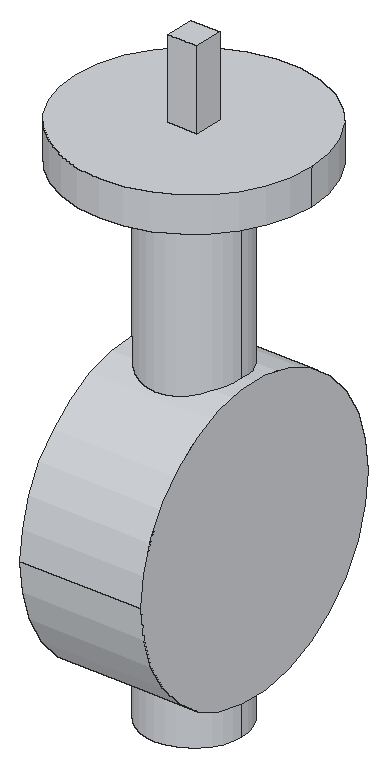
Revit family "HS497-67_disk-litina-volné vřeteno DN065-RFA_2018", category Pipe Accessories, Revit 2018
Family settings
  Round Connector Dimension = Use Diameter
  Part Type = Valve - Breaks Into
  Work Plane-Based = No
  Always vertical = Yes
  Cut with Voids When Loaded = No
  Shared = No
Parameters (values of type "HS 497-67_DN065_PN16_volné vřeteno")
  magiProductId = "5e5e208646e34ec29f889baab5d08e"
  magiProductFamilyId = "53cea81e6f374d17b8841d9c72ad77"
  magiPartTypeId = 305
  isMeasuringValve [instance] = no
  ang2D [instance] = 0.00°
  X11 = 61.456 mm
  X1 = 25.456 mm
  W2D = 1000 mm
  VersionID = "2.0/2017.9.26.1/ZETKAMA_497_001"
  Use Minimum Symbol Size [instance] = yes
  URL = "http://www.hydronic.cz"
  Type Comments = "mezipřírubová; litinový disk; PN16; -10~+110°C (krátkodobě +120°C)"
  SW30 = no
  SW3 = no
  SW21 = no
  SW20 = no
  SW2 = no
  SW1 = yes
  R = 32.5 mm
  QmdConnectorList = "301;D;302;D"
  Productdata [instance] = ""
  NC = 50 mm
  Model = ""
  Manufacturer = "Hydronic Systems Prague s.r.o."
  MM20 = 25.456 mm
  MC Product Code = "123 065 (litinový disk, s volným vřetenem; DN65; PN16, kvs167)"
  M41 = 66 mm
  M4 = 44 mm
  LHL = 220 mm
  LHH3 = 2.45 mm
  LHH1 = 46.55 mm
  LH1 = 73.333 mm
  L4R__ve = -L4R  # -12.8 mm
  L4R = 12.8 mm
  L42__ve = -L42  # -96 mm
  L42 = 96 mm
  L41__ve = -L41  # -19.2 mm
  L41 = 19.2 mm
  L2D_Min = 3048 mm
  L2D = 216 mm
  L2 = 23 mm
  L1 = 36.8 mm
  L = 46 mm
  H = 30 mm
  G22 = 11.25 mm
  G2 = 22.5 mm
  G1 = 90 mm
  G = 90 mm
  F = 11 mm
  E44 = 31.25 mm
  E42 = 62.5 mm
  E4 = 125 mm
  E23 = 4.9 mm
  E22 = 19.6 mm
  E21 = 9.8 mm
  Description = "Mezipřírubová uzavírací klapka s volným vřetenem; litinový disk, DN65; PN16; kv167"
  DR2 = 32.5 mm
  DR = 108 mm
  DD1 = 15.625 mm
  DD = 12.5 mm
  D = 65 mm
  CAT0 = yes
  B2__ve = -B2  # -36.5 mm
  B2 = 36.5 mm
  A2 = 13.5 mm
  A1 = 89 mm
Types (43, lengths in mm): name | magiProductId | X11 | X1 | Type Comments | SW30 | SW3 | SW20 | SW2 | SW1 | R | NC | MM20 | MC Product Code | M41 | M4 | LHL | LHH3 | LHH1 | LH1 | L4R__ve | L4R | L42__ve | L42 | L41__ve | L41 | L2 | L1 | L | H | G | F | E44 | E42 | E4 | E23 | E22 | E21 | Description | DR2 | DR | DD1 | DD | D | B2__ve | B2 | A2 | A1
  HS 497-67_DN100_PN16_volné vřeteno | "65d1b245f4f142c78569c0602d5754" | 61.456 | 25.456 | "mezipřírubová; litinový disk; PN16; -10~+110°C (krátkodobě +120°C)" | no | no | no | no | yes | 50 | 50 | 25.456 | "123 100 (litinový disk, s volným vřetenem; DN100; PN16, kvs512)" | 66 | 44 | 220 | 2.45 | 46.55 | 73.333 | -12.8 | 12.8 | -96 | 96 | -19.2 | 19.2 | 26 | 41.6 | 52 | 30 | 90 | 11 | 31.25 | 62.5 | 125 | 4.9 | 19.6 | 9.8 | "Mezipřírubová uzavírací klapka s volným vřetenem; litinový disk, DN100; PN16; kvs512" | 50 | 147 | 15.625 | 12.5 | 100 | -56 | 56 | 16.5 | 98.5
  HS 497-67_DN100_PN16_převodové kolo | "11e91b807e674d428c8e796fcdcfe2" | 61.456 | 25.456 | "mezipřírubová; litinový disk; PN16; -10~+110°C (krátkodobě +120°C)" | yes | yes | no | no | no | 50 | 50 | 25.456 | "125 100 (litinový disk, s převodovým kolem; DN100; PN16, kvs512)" | 65.25 | 43.5 | 220 | 2.45 | 46.55 | 73.333 | -12.8 | 12.8 | -96 | 96 | -19.2 | 19.2 | 26 | 41.6 | 52 | 30 | 90 | 11 | 31.25 | 62.5 | 125 | 4.9 | 19.6 | 9.8 | "Mezipřírubová uzavírací klapka s převodovým kolem; litinový disk, DN100; PN16; kvs512" | 50 | 147 | 15.625 | 12.5 | 100 | -56 | 56 | 16.5 | 98.5
  HS 497-67_DN100_PN16_s pákou | "28172f0b3f4b47b28323ac71cf8749" | 61.456 | 25.456 | "mezipřírubová; litinový disk; PN16; -10~+110°C (krátkodobě +120°C)" | no | no | yes | yes | no | 50 | 50 | 25.456 | "120 100 (litinový disk, s pákou; DN100; PN16, kvs512)" | 66 | 44 | 260 | 3 | 57 | 86.667 | -12.8 | 12.8 | -96 | 96 | -19.2 | 19.2 | 26 | 41.6 | 52 | 30 | 90 | 11 | 31.25 | 62.5 | 125 | 6 | 24 | 12 | "Mezipřírubová uzavírací klapka s pákou; litinový disk, DN100; PN16; kvs512" | 50 | 147 | 15.625 | 12.5 | 100 | -56 | 56 | 16.5 | 98.5
  HS 497-67_DN125_PN16_volné vřeteno | "0d813d910fc14f628bb3c2efbd185c" | 61.456 | 25.456 | "mezipřírubová; litinový disk; PN16; -10~+110°C (krátkodobě +120°C)" | no | no | no | no | yes | 62.5 | 50 | 25.456 | "123 125 (litinový disk, s volným vřetenem; DN125; PN16, kvs872)" | 66 | 44 | 220 | 2.45 | 46.55 | 73.333 | -12.8 | 12.8 | -96 | 96 | -19.2 | 19.2 | 28 | 44.8 | 56 | 33 | 90 | 14 | 31.25 | 62.5 | 125 | 4.9 | 19.6 | 9.8 | "Mezipřírubová uzavírací klapka s volným vřetenem; litinový disk, DN125; PN16; kvs872" | 62.5 | 180 | 15.625 | 12.5 | 125 | -64 | 64 | 18 | 99.5
  HS 497-67_DN125_PN16_převodové kolo | "c56b7c13f372467684996fb1e0e229" | 61.456 | 25.456 | "mezipřírubová; litinový disk; PN16; -10~+110°C (krátkodobě +120°C)" | yes | yes | no | no | no | 62.5 | 50 | 25.456 | "125 125 (litinový disk, s převodovým kolem; DN125; PN16, kvs872)" | 65.25 | 43.5 | 220 | 2.45 | 46.55 | 73.333 | -13.5 | 13.5 | -101.25 | 101.25 | -20.25 | 20.25 | 28 | 44.8 | 56 | 33 | 90 | 14 | 40 | 80 | 160 | 4.9 | 19.6 | 9.8 | "Mezipřírubová uzavírací klapka s převodovým kolem; litinový disk, DN125; PN16; kvs872" | 62.5 | 180 | 20 | 16 | 125 | -64 | 64 | 18 | 99.5
  HS 497-67_DN125_PN16_s pákou | "105993c79a91492399feef7931321a" | 61.456 | 25.456 | "mezipřírubová; litinový disk; PN16; -10~+110°C (krátkodobě +120°C)" | no | no | yes | yes | no | 62.5 | 50 | 25.456 | "120 125 (litinový disk, s pákou; DN125; PN16, kvs872)" | 66 | 44 | 315 | 3.75 | 71.25 | 105 | -12.8 | 12.8 | -96 | 96 | -19.2 | 19.2 | 28 | 44.8 | 56 | 33 | 90 | 14 | 31.25 | 62.5 | 125 | 7.5 | 30 | 15 | "Mezipřírubová uzavírací klapka s pákou; litinový disk, DN125; PN16; kvs872" | 62.5 | 180 | 15.625 | 12.5 | 125 | -64 | 64 | 18 | 99.5
  HS 497-67_DN150_PN16_volné vřeteno | "50c80cb8ab434f55ab7796e5ac1331" | 61.456 | 25.456 | "mezipřírubová; litinový disk; PN16; -10~+110°C (krátkodobě +120°C)" | no | no | no | no | yes | 75 | 50 | 25.456 | "123 150 (litinový disk, s volným vřetenem; DN150; PN16, kvs1347)" | 66 | 44 | 220 | 2.45 | 46.55 | 73.333 | -12.8 | 12.8 | -96 | 96 | -19.2 | 19.2 | 28 | 44.8 | 56 | 33 | 90 | 14 | 31.25 | 62.5 | 125 | 4.9 | 19.6 | 9.8 | "Mezipřírubová uzavírací klapka s volným vřetenem; litinový disk, DN150; PN16; kvs1347" | 75 | 206 | 15.625 | 12.5 | 150 | -58 | 58 | 19.3 | 98.7
  HS 497-67_DN150_PN16_převodové kolo | "d94a1a0cf83b476eb10011b327f709" | 61.456 | 25.456 | "mezipřírubová; litinový disk; PN16; -10~+110°C (krátkodobě +120°C)" | yes | yes | no | no | no | 75 | 50 | 25.456 | "125 150 (litinový disk, s převodovým kolem; DN150; PN16, kvs1347)" | 65.25 | 43.5 | 220 | 2.45 | 46.55 | 73.333 | -13.5 | 13.5 | -101.25 | 101.25 | -20.25 | 20.25 | 28 | 44.8 | 56 | 33 | 90 | 14 | 40 | 80 | 160 | 4.9 | 19.6 | 9.8 | "Mezipřírubová uzavírací klapka s převodovým kolem; litinový disk, DN150; PN16; kvs1347" | 75 | 206 | 20 | 16 | 150 | -58 | 58 | 19.3 | 98.7
  HS 497-67_DN150_PN16_s pákou | "4d2835523fe84828bc50ff0a5a0dfb" | 61.456 | 25.456 | "mezipřírubová; litinový disk; PN16; -10~+110°C (krátkodobě +120°C)" | no | no | yes | yes | no | 75 | 50 | 25.456 | "120 150 (litinový disk, s pákou; DN150; PN16, kvs1347)" | 66 | 44 | 315 | 3.75 | 71.25 | 105 | -12.8 | 12.8 | -96 | 96 | -19.2 | 19.2 | 28 | 44.8 | 56 | 33 | 90 | 14 | 31.25 | 62.5 | 125 | 7.5 | 30 | 15 | "Mezipřírubová uzavírací klapka s pákou; litinový disk, DN150; PN16; kvs1347" | 75 | 206 | 15.625 | 12.5 | 150 | -58 | 58 | 19.3 | 98.7
  HS 497-67_DN200_PN16_volné vřeteno | "5b29029eaeba47139ee1055a4b9201" | 61.456 | 25.456 | "mezipřírubová; litinový disk; PN16; -10~+110°C (krátkodobě +120°C)" | no | no | no | no | yes | 100 | 50 | 25.456 | "123 200 (litinový disk, s volným vřetenem; DN200; PN16, kvs2675)" | 66 | 44 | 220 | 2.45 | 46.55 | 73.333 | -12.8 | 12.8 | -96 | 96 | -19.2 | 19.2 | 30 | 48 | 60 | 33 | 90 | 17 | 31.25 | 62.5 | 125 | 4.9 | 19.6 | 9.8 | "Mezipřírubová uzavírací klapka s volným vřetenem; litinový disk, DN200; PN16; kvs2675" | 100 | 257 | 15.625 | 12.5 | 200 | -70 | 70 | 22.5 | 102.5
  HS 497-67_DN200_PN16_převodové kolo | "b2793cc1fcc44cf2a35062cd67c04f" | 61.456 | 25.456 | "mezipřírubová; litinový disk; PN16; -10~+110°C (krátkodobě +120°C)" | yes | yes | no | no | no | 100 | 57 | 25.456 | "125 200 (litinový disk, s převodovým kolem; DN200; PN16, kvs2675)" | 78.75 | 52.5 | 220 | 2.45 | 46.55 | 73.333 | -15.2 | 15.2 | -114 | 114 | -22.8 | 22.8 | 30 | 48 | 60 | 33 | 90 | 17 | 50 | 100 | 200 | 4.9 | 19.6 | 9.8 | "Mezipřírubová uzavírací klapka s převodovým kolem; litinový disk, DN200; PN16; kvs2675" | 100 | 257 | 25 | 20 | 200 | -70 | 70 | 22.5 | 102.5
  HS 497-67_DN200_PN16_s pákou | "f88d96c7af224537a51e72d7d8fffe" | 61.456 | 25.456 | "mezipřírubová; litinový disk; PN16; -10~+110°C (krátkodobě +120°C)" | no | no | yes | yes | no | 100 | 50 | 25.456 | "120 200 (litinový disk, s pákou; DN200; PN16, kvs2675)" | 66 | 44 | 315 | 3.75 | 71.25 | 105 | -12.8 | 12.8 | -96 | 96 | -19.2 | 19.2 | 30 | 48 | 60 | 33 | 90 | 17 | 31.25 | 62.5 | 125 | 7.5 | 30 | 15 | "Mezipřírubová uzavírací klapka s pákou; litinový disk, DN200; PN16; kvs2675" | 100 | 257 | 15.625 | 12.5 | 200 | -70 | 70 | 22.5 | 102.5
  HS 497-67_DN250_PN16_volné vřeteno | "b662e8305ca2402b9c510e66e6aa55" | 88.77 | 36.77 | "mezipřírubová; litinový disk; PN16; -10~+110°C (krátkodobě +120°C)" | no | no | no | no | yes | 125 | 50 | 36.77 | "123 250 (litinový disk, s volným vřetenem; DN250; PN16, kvs4555)" | 66 | 44 | 220 | 2.45 | 46.55 | 73.333 | -12.8 | 12.8 | -96 | 96 | -19.2 | 19.2 | 34 | 54.4 | 68 | 23 | 130 | 22 | 31.25 | 62.5 | 125 | 4.9 | 19.6 | 9.8 | "Mezipřírubová uzavírací klapka s volným vřetenem; litinový disk, DN250; PN16; kvs4555" | 125 | 324 | 15.625 | 12.5 | 250 | -85 | 85 | 28.25 | 129.25
  HS 497-67_DN250_PN16_převodové kolo | "5ee9016806664ddfaa2632711f295c" | 88.77 | 36.77 | "mezipřírubová; litinový disk; PN16; -10~+110°C (krátkodobě +120°C)" | yes | yes | no | no | no | 125 | 70 | 36.77 | "125 250 (litinový disk, s převodovým kolem; DN250; PN16, kvs4555)" | 91.5 | 61 | 220 | 2.45 | 46.55 | 73.333 | -22.2 | 22.2 | -166.5 | 166.5 | -33.3 | 33.3 | 34 | 54.4 | 68 | 23 | 130 | 22 | 62.5 | 125 | 250 | 4.9 | 19.6 | 9.8 | "Mezipřírubová uzavírací klapka s převodovým kolem; litinový disk, DN250; PN16; kvs4555" | 125 | 324 | 31.25 | 25 | 250 | -85 | 85 | 28.25 | 129.25
  HS 497-67_DN300_PN16_volné vřeteno | "e1886f51ff004380a649519258edf2" | 88.77 | 36.77 | "mezipřírubová; litinový disk; PN16; -10~+110°C (krátkodobě +120°C)" | no | no | no | no | yes | 150 | 50 | 36.77 | "123 300 (litinový disk, s volným vřetenem; DN300; PN16, kvs7037)" | 66 | 44 | 220 | 2.45 | 46.55 | 73.333 | -12.8 | 12.8 | -96 | 96 | -19.2 | 19.2 | 39 | 62.4 | 78 | 23 | 130 | 22 | 31.25 | 62.5 | 125 | 4.9 | 19.6 | 9.8 | "Mezipřírubová uzavírací klapka s volným vřetenem; litinový disk, DN300; PN16; kvs7037" | 150 | 376 | 15.625 | 12.5 | 300 | -90 | 90 | 30.8 | 127.2
  HS 497-67_DN300_PN16_převodové kolo | "6860f094f77d42088fbebc3c97f755" | 88.77 | 36.77 | "mezipřírubová; litinový disk; PN16; -10~+110°C (krátkodobě +120°C)" | yes | yes | no | no | no | 150 | 70 | 36.77 | "125 300 (litinový disk, s převodovým kolem; DN300; PN16, kvs7037)" | 91.5 | 61 | 220 | 2.45 | 46.55 | 73.333 | -22.2 | 22.2 | -166.5 | 166.5 | -33.3 | 33.3 | 39 | 62.4 | 78 | 23 | 130 | 22 | 62.5 | 125 | 250 | 4.9 | 19.6 | 9.8 | "Mezipřírubová uzavírací klapka s převodovým kolem; litinový disk, DN300; PN16; kvs7037" | 150 | 376 | 31.25 | 25 | 300 | -90 | 90 | 30.8 | 127.2
  HS 497-67_DN032_PN16_volné vřeteno | "8c5f65de52aa4067a77564107e31b2" | 61.456 | 25.456 | "mezipřírubová; litinový disk; PN16; -10~+110°C (krátkodobě +120°C)" | no | no | no | no | yes | 16 | 50 | 25.456 | "123 032 (litinový disk, s volným vřetenem; DN32; PN16, kvs78)" | 66 | 44 | 220 | 2.45 | 46.55 | 73.333 | -12.8 | 12.8 | -96 | 96 | -19.2 | 19.2 | 16.5 | 26.4 | 33 | 30 | 90 | 11 | 31.25 | 62.5 | 125 | 4.9 | 19.6 | 9.8 | "Mezipřírubová uzavírací klapka s volným vřetenem; litinový disk, DN32; PN16; kvs78" | 16 | 68 | 15.625 | 12.5 | 32 | -44.2 | 44.2 | 10.25 | 76.25
  HS 497-67_DN032_PN16_převodové kolo | "60aaeffa8b3a4e809ef000e4660060" | 61.456 | 25.456 | "mezipřírubová; litinový disk; PN16; -10~+110°C (krátkodobě +120°C)" | yes | yes | no | no | no | 16 | 50 | 25.456 | "125 032 (litinový disk, s převodovým kolem; DN32; PN16, kvs78)" | 65.25 | 43.5 | 220 | 2.45 | 46.55 | 73.333 | -12.8 | 12.8 | -96 | 96 | -19.2 | 19.2 | 16.5 | 26.4 | 33 | 30 | 90 | 11 | 31.25 | 62.5 | 125 | 4.9 | 19.6 | 9.8 | "Mezipřírubová uzavírací klapka s převodovým kolem; litinový disk, DN32; PN16; kvs78" | 16 | 68 | 15.625 | 12.5 | 32 | -44.2 | 44.2 | 10.25 | 76.25
  HS 497-67_DN032_PN16_s pákou | "9ad8088d610749a1b871aa2aad8007" | 61.456 | 25.456 | "mezipřírubová; litinový disk; PN16; -10~+110°C (krátkodobě +120°C)" | no | no | yes | yes | no | 16 | 50 | 25.456 | "120 032 (litinový disk, s pákou; DN32; PN16, kvs78)" | 66 | 44 | 220 | 2.45 | 46.55 | 73.333 | -12.8 | 12.8 | -96 | 96 | -19.2 | 19.2 | 16.5 | 26.4 | 33 | 30 | 90 | 11 | 31.25 | 62.5 | 125 | 4.9 | 19.6 | 9.8 | "Mezipřírubová uzavírací klapka s pákou; litinový disk, DN32; PN16; kvs78" | 16 | 68 | 15.625 | 12.5 | 32 | -44.2 | 44.2 | 10.25 | 76.25
  HS 497-67_DN350_PN10_volné vřeteno | "72a1e05f22944421b7e9596a877137" | 109.255 | 45.255 | "mezipřírubová; litinový disk; PN10; -10~+110°C (krátkodobě +120°C)" | no | no | no | no | yes | 175 | 50 | 45.255 | "123 350 (litinový disk, s volným vřetenem; DN350; PN10, kvs10165)" | 66 | 44 | 220 | 2.45 | 46.55 | 73.333 | -12.8 | 12.8 | -96 | 96 | -19.2 | 19.2 | 39 | 62.4 | 78 | 31 | 160 | 22 | 31.25 | 62.5 | 125 | 4.9 | 19.6 | 9.8 | "Mezipřírubová uzavírací klapka s volným vřetenem; litinový disk, DN350; PN10; kvs10165" | 175 | 430 | 15.625 | 12.5 | 350 | -88 | 88 | 33.85 | 129.65
  HS 497-67_DN350_PN10_převodové kolo | "a5a01426cb28494ba3afca92f1dace" | 109.255 | 45.255 | "mezipřírubová; litinový disk; PN10; -10~+110°C (krátkodobě +120°C)" | yes | yes | no | no | no | 175 | 70 | 45.255 | "125 350 (litinový disk, s převodovým kolem; DN350; PN10, kvs10165)" | 91.5 | 61 | 220 | 2.45 | 46.55 | 73.333 | -22.2 | 22.2 | -166.5 | 166.5 | -33.3 | 33.3 | 39 | 62.4 | 78 | 31 | 160 | 22 | 62.5 | 125 | 250 | 4.9 | 19.6 | 9.8 | "Mezipřírubová uzavírací klapka s převodovým kolem; litinový disk, DN350; PN10; kvs10165" | 175 | 430 | 31.25 | 25 | 350 | -88 | 88 | 33.85 | 129.65
  HS 497-67_DN400_PN10_volné vřeteno | "c70ebeb927c04ab99b176e257ad0a7" | 109.255 | 45.255 | "mezipřírubová; litinový disk; PN10; -10~+110°C (krátkodobě +120°C)" | no | no | no | no | yes | 200 | 50 | 45.255 | "123 400 (litinový disk, s volným vřetenem; DN400; PN10, kvs13799)" | 66 | 44 | 220 | 2.45 | 46.55 | 73.333 | -12.8 | 12.8 | -96 | 96 | -19.2 | 19.2 | 51 | 81.6 | 102 | 31 | 160 | 27 | 31.25 | 62.5 | 125 | 4.9 | 19.6 | 9.8 | "Mezipřírubová uzavírací klapka s volným vřetenem; litinový disk, DN400; PN10; kvs13799" | 200 | 485 | 15.625 | 12.5 | 400 | -108 | 108 | 38 | 142
  HS 497-67_DN400_PN10_převodové kolo | "cc64a4384dcb41b780d81810f4f293" | 109.255 | 45.255 | "mezipřírubová; litinový disk; PN10; -10~+110°C (krátkodobě +120°C)" | yes | yes | no | no | no | 200 | 72.5 | 45.255 | "125 400 (litinový disk, s převodovým kolem; DN400; PN10, kvs13799)" | 103.5 | 69 | 220 | 2.45 | 46.55 | 73.333 | -27.8 | 27.8 | -208.5 | 208.5 | -41.7 | 41.7 | 51 | 81.6 | 102 | 31 | 160 | 27 | 75 | 150 | 300 | 4.9 | 19.6 | 9.8 | "Mezipřírubová uzavírací klapka s převodovým kolem; litinový disk, DN400; PN10; kvs13799" | 200 | 485 | 37.5 | 30 | 400 | -108 | 108 | 38 | 142
  HS 497-67_DN040_PN16_volné vřeteno | "35f92312390745e88df5b5c325d9ee" | 61.456 | 25.456 | "mezipřírubová; litinový disk; PN16; -10~+110°C (krátkodobě +120°C)" | no | no | no | no | yes | 20 | 50 | 25.456 | "123 040 (litinový disk, s volným vřetenem; DN40; PN16, kvs78)" | 66 | 44 | 220 | 2.45 | 46.55 | 73.333 | -12.8 | 12.8 | -96 | 96 | -19.2 | 19.2 | 16.5 | 26.4 | 33 | 30 | 90 | 11 | 31.25 | 62.5 | 125 | 4.9 | 19.6 | 9.8 | "Mezipřírubová uzavírací klapka s volným vřetenem; litinový disk, DN40; PN16; kvs78" | 20 | 76 | 15.625 | 12.5 | 40 | -36 | 36 | 11 | 79
  HS 497-67_DN040_PN16_převodové kolo | "d88e968eae3445bc9b7b4e6ff35127" | 61.456 | 25.456 | "mezipřírubová; litinový disk; PN16; -10~+110°C (krátkodobě +120°C)" | yes | yes | no | no | no | 20 | 50 | 25.456 | "125 040 (litinový disk, s převodovým kolem; DN40; PN16, kvs78)" | 65.25 | 43.5 | 220 | 2.45 | 46.55 | 73.333 | -12.8 | 12.8 | -96 | 96 | -19.2 | 19.2 | 16.5 | 26.4 | 33 | 30 | 90 | 11 | 31.25 | 62.5 | 125 | 4.9 | 19.6 | 9.8 | "Mezipřírubová uzavírací klapka s převodovým kolem; litinový disk, DN40; PN16; kvs78" | 20 | 76 | 15.625 | 12.5 | 40 | -36 | 36 | 11 | 79
  HS 497-67_DN040_PN16_s pákou | "c1b522ca65b4407a98818f232eaacb" | 61.456 | 25.456 | "mezipřírubová; litinový disk; PN16; -10~+110°C (krátkodobě +120°C)" | no | no | yes | yes | no | 20 | 50 | 25.456 | "120 040 (litinový disk, s pákou; DN40; PN16, kvs78)" | 66 | 44 | 220 | 2.45 | 46.55 | 73.333 | -12.8 | 12.8 | -96 | 96 | -19.2 | 19.2 | 16.5 | 26.4 | 33 | 30 | 90 | 11 | 31.25 | 62.5 | 125 | 4.9 | 19.6 | 9.8 | "Mezipřírubová uzavírací klapka s pákou; litinový disk, DN40; PN16; kvs78" | 20 | 76 | 15.625 | 12.5 | 40 | -36 | 36 | 11 | 79
  HS 497-67_DN450_PN10_volné vřeteno | "a8358bc282f14872b3194e530e590a" | 129.74 | 53.74 | "mezipřírubová; litinový disk; PN10; -10~+110°C (krátkodobě +120°C)" | no | no | no | no | yes | 225 | 50 | 53.74 | "123 450 (litinový disk, s volným vřetenem; DN450; PN10, kvs18514)" | 66 | 44 | 220 | 2.45 | 46.55 | 73.333 | -12.8 | 12.8 | -96 | 96 | -19.2 | 19.2 | 57 | 91.2 | 114 | 38 | 190 | 36 | 31.25 | 62.5 | 125 | 4.9 | 19.6 | 9.8 | "Mezipřírubová uzavírací klapka s volným vřetenem; litinový disk, DN450; PN10; kvs18514" | 225 | 536 | 15.625 | 12.5 | 450 | -115 | 115 | 38.05 | 117.45
  HS 497-67_DN450_PN10_převodové kolo | "cdf2d80f54a9414f9cbe50647c0ebd" | 129.74 | 53.74 | "mezipřírubová; litinový disk; PN10; -10~+110°C (krátkodobě +120°C)" | yes | yes | no | no | no | 225 | 91.5 | 53.74 | "125 450 (litinový disk, s převodovým kolem; DN450; PN10, kvs18514)" | 144.75 | 96.5 | 220 | 2.45 | 46.55 | 73.333 | -32.1 | 32.1 | -240.75 | 240.75 | -48.15 | 48.15 | 57 | 91.2 | 114 | 38 | 190 | 36 | 100 | 200 | 400 | 4.9 | 19.6 | 9.8 | "Mezipřírubová uzavírací klapka s převodovým kolem; litinový disk, DN450; PN10; kvs18514" | 225 | 536 | 50 | 40 | 450 | -115 | 115 | 38.05 | 117.45
  HS 497-67_DN500_PN10_volné vřeteno | "8c396e27bb2743f98f3c762b6517cd" | 143.397 | 59.397 | "mezipřírubová; litinový disk; PN10; -10~+110°C (krátkodobě +120°C)" | no | no | no | no | yes | 250 | 50 | 59.397 | "123 500 (litinový disk, s volným vřetenem; DN500; PN10, kvs23805)" | 66 | 44 | 220 | 2.45 | 46.55 | 73.333 | -12.8 | 12.8 | -96 | 96 | -19.2 | 19.2 | 63.5 | 101.6 | 127 | 38 | 210 | 36 | 31.25 | 62.5 | 125 | 4.9 | 19.6 | 9.8 | "Mezipřírubová uzavírací klapka s volným vřetenem; litinový disk, DN500; PN10; kvs23805" | 250 | 593 | 15.625 | 12.5 | 500 | -130 | 130 | 43.25 | 139.25
  HS 497-67_DN500_PN10_převodové kolo | "7647804f32e94cef828a7034a91a46" | 143.397 | 59.397 | "mezipřírubová; litinový disk; PN10; -10~+110°C (krátkodobě +120°C)" | yes | yes | no | no | no | 250 | 91.5 | 59.397 | "125 500 (litinový disk, s převodovým kolem; DN500; PN10, kvs23805)" | 144.75 | 96.5 | 220 | 2.45 | 46.55 | 73.333 | -32.1 | 32.1 | -240.75 | 240.75 | -48.15 | 48.15 | 63.5 | 101.6 | 127 | 38 | 210 | 36 | 100 | 200 | 400 | 4.9 | 19.6 | 9.8 | "Mezipřírubová uzavírací klapka s převodovým kolem; litinový disk, DN500; PN10; kvs23805" | 250 | 593 | 50 | 40 | 500 | -130 | 130 | 43.25 | 139.25
  HS 497-67_DN050_volné vřeteno | "d71f296ecd6d4adf8f6e5d9853b4e0" | 61.456 | 25.456 | "mezipřírubová; litinový disk; PN16; -10~+110°C (krátkodobě +120°C)" | no | no | no | no | yes | 25 | 50 | 25.456 | "123 050 (litinový disk, s volným vřetenem; DN50; PN16, kvs98)" | 66 | 44 | 220 | 2.45 | 46.55 | 73.333 | -12.8 | 12.8 | -96 | 96 | -19.2 | 19.2 | 21.5 | 34.4 | 43 | 30 | 90 | 11 | 31.25 | 62.5 | 125 | 4.9 | 19.6 | 9.8 | "Mezipřírubová uzavírací klapka s volným vřetenem; litinový disk, DN50; PN16; kvs98" | 25 | 100 | 15.625 | 12.5 | 50 | -36.5 | 36.5 | 12 | 83
  HS 497-67_DN050_PN16_převodové kolo | "2fb080deeaed49c58418b94c1da5a4" | 61.456 | 25.456 | "mezipřírubová; litinový disk; PN16; -10~+110°C (krátkodobě +120°C)" | yes | yes | no | no | no | 25 | 50 | 25.456 | "125 050 (litinový disk, s převodovým kolem; DN50; PN16, kvs98)" | 65.25 | 43.5 | 220 | 2.45 | 46.55 | 73.333 | -12.8 | 12.8 | -96 | 96 | -19.2 | 19.2 | 21.5 | 34.4 | 43 | 30 | 90 | 11 | 31.25 | 62.5 | 125 | 4.9 | 19.6 | 9.8 | "Mezipřírubová uzavírací klapka s převodovým kolem; litinový disk, DN50; PN16; kvs98" | 25 | 100 | 15.625 | 12.5 | 50 | -36.5 | 36.5 | 12 | 83
  HS 497-67_DN050_PN16_s pákou | "dabc632061f94877a994b9b4e68112" | 61.456 | 25.456 | "mezipřírubová; litinový disk; PN16; -10~+110°C (krátkodobě +120°C)" | no | no | yes | yes | no | 25 | 50 | 25.456 | "120 050 (litinový disk, s pákou; DN50; PN16, kvs98)" | 66 | 44 | 220 | 2.45 | 46.55 | 73.333 | -12.8 | 12.8 | -96 | 96 | -19.2 | 19.2 | 21.5 | 34.4 | 43 | 30 | 90 | 11 | 31.25 | 62.5 | 125 | 4.9 | 19.6 | 9.8 | "Mezipřírubová uzavírací klapka s pákou; litinový disk, DN50; PN16; kvs98" | 25 | 100 | 15.625 | 12.5 | 50 | -36.5 | 36.5 | 12 | 83
  HS 497-67_DN600_PN10_volné vřeteno | "99d5892c14664fce81a7c5903f7711" | 143.397 | 59.397 | "mezipřírubová; litinový disk; PN10; -10~+110°C (krátkodobě +120°C)" | no | no | no | no | yes | 300 | 50 | 59.397 | "123 600 (litinový disk, s volným vřetenem; DN600; PN10, kvs36778)" | 66 | 44 | 220 | 2.45 | 46.55 | 73.333 | -12.8 | 12.8 | -96 | 96 | -19.2 | 19.2 | 77 | 123.2 | 154 | 80 | 210 | 60 | 31.25 | 62.5 | 125 | 4.9 | 19.6 | 9.8 | "Mezipřírubová uzavírací klapka s volným vřetenem; litinový disk, DN600; PN10; kvs36788" | 300 | 690 | 15.625 | 12.5 | 600 | -140 | 140 | 49.4 | 144.6
  HS 497-67_DN600_PN10_převodové kolo | "b1e26faab48a4c499f6bb11e7e3002" | 143.397 | 59.397 | "mezipřírubová; litinový disk; PN10; -10~+110°C (krátkodobě +120°C)" | yes | yes | no | no | no | 300 | 140 | 59.397 | "125 600 (litinový disk, s převodovým kolem; DN600; PN10, kvs36778)" | 206.25 | 137.5 | 220 | 2.45 | 46.55 | 73.333 | -40.8 | 40.8 | -306 | 306 | -61.2 | 61.2 | 77 | 123.2 | 154 | 80 | 210 | 60 | 125 | 250 | 500 | 4.9 | 19.6 | 9.8 | "Mezipřírubová uzavírací klapka s převodovým kolem; litinový disk, DN600; PN10; kvs36788" | 300 | 690 | 62.5 | 50 | 600 | -140 | 140 | 49.4 | 144.6
  HS 497-67_DN065_PN16_volné vřeteno | "5e5e208646e34ec29f889baab5d08e" | 61.456 | 25.456 | "mezipřírubová; litinový disk; PN16; -10~+110°C (krátkodobě +120°C)" | no | no | no | no | yes | 32.5 | 50 | 25.456 | "123 065 (litinový disk, s volným vřetenem; DN65; PN16, kvs167)" | 66 | 44 | 220 | 2.45 | 46.55 | 73.333 | -12.8 | 12.8 | -96 | 96 | -19.2 | 19.2 | 23 | 36.8 | 46 | 30 | 90 | 11 | 31.25 | 62.5 | 125 | 4.9 | 19.6 | 9.8 | "Mezipřírubová uzavírací klapka s volným vřetenem; litinový disk, DN65; PN16; kv167" | 32.5 | 108 | 15.625 | 12.5 | 65 | -36.5 | 36.5 | 13.5 | 89
  HS 497-67_DN065_PN16_převodové kolo | "654d74c8d15540b0bfe523d988ccb3" | 61.456 | 25.456 | "mezipřírubová; litinový disk; PN16; -10~+110°C (krátkodobě +120°C)" | yes | yes | no | no | no | 32.5 | 50 | 25.456 | "125 065 (litinový disk, s převodovým kolem; DN65; PN16, kvs167)" | 65.25 | 43.5 | 220 | 2.45 | 46.55 | 73.333 | -12.8 | 12.8 | -96 | 96 | -19.2 | 19.2 | 23 | 36.8 | 46 | 30 | 90 | 11 | 31.25 | 62.5 | 125 | 4.9 | 19.6 | 9.8 | "Mezipřírubová uzavírací klapka s převodovým kolem; litinový disk, DN65; PN16; kvs167" | 32.5 | 108 | 15.625 | 12.5 | 65 | -36.5 | 36.5 | 13.5 | 89
  HS 497-67_DN065_PN16_s pákou | "ebeb4b59db0641caaf6d6635ab37b9" | 61.456 | 25.456 | "mezipřírubová; litinový disk; PN16; -10~+110°C (krátkodobě +120°C)" | no | no | yes | yes | no | 32.5 | 50 | 25.456 | "120 065 (litinový disk, s pákou; DN65; PN16, kvs167)" | 66 | 44 | 220 | 2.45 | 46.55 | 73.333 | -12.8 | 12.8 | -96 | 96 | -19.2 | 19.2 | 23 | 36.8 | 46 | 30 | 90 | 11 | 31.25 | 62.5 | 125 | 4.9 | 19.6 | 9.8 | "Mezipřírubová uzavírací klapka s pákou; litinový disk, DN65; PN16; kvs167" | 32.5 | 108 | 15.625 | 12.5 | 65 | -36.5 | 36.5 | 13.5 | 89
  HS 497-67_DN080_PN16_volné vřeteno | "9e85c75c18654e1185a9c48ed6b00e" | 61.456 | 25.456 | "mezipřírubová; litinový disk; PN16; -10~+110°C (krátkodobě +120°C)" | no | no | no | no | yes | 40 | 50 | 25.456 | "123 080 (litinový disk, s volným vřetenem; DN80; PN16, kvs258)" | 66 | 44 | 220 | 2.45 | 46.55 | 73.333 | -12.8 | 12.8 | -96 | 96 | -19.2 | 19.2 | 23 | 36.8 | 46 | 30 | 90 | 11 | 31.25 | 62.5 | 125 | 4.9 | 19.6 | 9.8 | "Mezipřírubová uzavírací klapka s volným vřetenem; litinový disk, DN80; PN16; kvs258" | 40 | 124 | 15.625 | 12.5 | 80 | -54 | 54 | 14.1 | 86.9
  HS 497-67_DN080_PN16_převodové kolo | "5b3c8238c3d041e68c75b199e7ea46" | 61.456 | 25.456 | "mezipřírubová; litinový disk; PN16; -10~+110°C (krátkodobě +120°C)" | yes | yes | no | no | no | 40 | 50 | 25.456 | "125 080 (litinový disk, s převodovým kolem; DN80; PN16, kvs258)" | 65.25 | 43.5 | 220 | 2.45 | 46.55 | 73.333 | -12.8 | 12.8 | -96 | 96 | -19.2 | 19.2 | 23 | 36.8 | 46 | 30 | 90 | 11 | 31.25 | 62.5 | 125 | 4.9 | 19.6 | 9.8 | "Mezipřírubová uzavírací klapka s převodovým kolem; litinový disk, DN80; PN16; kvs258" | 40 | 124 | 15.625 | 12.5 | 80 | -54 | 54 | 14.1 | 86.9
  HS 497-67_DN080_PN16_s pákou | "e414795fab0f4eccb99bc3572c5477" | 61.456 | 25.456 | "mezipřírubová; litinový disk; PN16; -10~+110°C (krátkodobě +120°C)" | no | no | yes | yes | no | 40 | 50 | 25.456 | "120 080 (litinový disk, s pákou; DN80; PN16, kvs258)" | 66 | 44 | 260 | 3 | 57 | 86.667 | -12.8 | 12.8 | -96 | 96 | -19.2 | 19.2 | 23 | 36.8 | 46 | 30 | 90 | 11 | 31.25 | 62.5 | 125 | 6 | 24 | 12 | "Mezipřírubová uzavírací klapka s pákou; litinový disk, DN80; PN16; kvs258" | 40 | 124 | 15.625 | 12.5 | 80 | -54 | 54 | 14.1 | 86.9
  HS 497-67_DN250_PN16_s pákou | "" | 88.77 | 36.77 | "mezipřírubová; litinový disk; PN16; -10~+110°C (krátkodobě +120°C)" | no | no | yes | yes | no | 125 | 70 | 36.77 | "120 250 (litinový disk, s pákou; DN250; PN16, kvs4555)" | 91.5 | 61 | 220 | 2.45 | 46.55 | 73.333 | -22.2 | 22.2 | -166.5 | 166.5 | -33.3 | 33.3 | 34 | 54.4 | 68 | 23 | 130 | 22 | 62.5 | 125 | 250 | 4.9 | 19.6 | 9.8 | "Mezipřírubová uzavírací klapka s pákou; litinový disk, DN250; PN16; kvs4555" | 125 | 324 | 31.25 | 25 | 250 | -85 | 85 | 28.25 | 129.25
  HS 497-67_DN300_PN16_s pákou | "" | 88.77 | 36.77 | "mezipřírubová; litinový disk; PN16; -10~+110°C (krátkodobě +120°C)" | no | no | yes | yes | no | 150 | 70 | 36.77 | "120 300 (litinový disk, s pákou; DN300; PN16, kvs7037)" | 91.5 | 61 | 220 | 2.45 | 46.55 | 73.333 | -22.2 | 22.2 | -166.5 | 166.5 | -33.3 | 33.3 | 39 | 62.4 | 78 | 23 | 130 | 22 | 62.5 | 125 | 250 | 4.9 | 19.6 | 9.8 | "Mezipřírubová uzavírací klapka s pákou; litinový disk, DN300; PN16; kvs7037" | 150 | 376 | 31.25 | 25 | 300 | -90 | 90 | 30.8 | 127.2
Reference planes
  plane 1 "Center (Front/Back)": y = 0
  plane 2 "XYPLANE": z = 0
  plane 3 "Center (Left/Right)": x = 0
  plane 4 "473": x = -25.456
  plane 5 "472": x = -66
  plane 6 "471": y = -25.456
  plane 7 "470": y = 25.456
  plane 8 "469": x = -44
  plane 9 "468": y = -115.2
  plane 10 "467": y = -96
  plane 11 "466": z = 166.25
  plane 12 "465": z = 181.55
  plane 13 "464": y = 145.417
  plane 14 "463": z = 171.75
  plane 15 "462": z = 154.6
  plane 16 "461": z = 164.4
  plane 17 "460": y = 72.083
  plane 18 "459": x = -11.25
  plane 19 "458": x = 11.25
  plane 20 "457": y = -6.25
  plane 21 "456": x = -17.5
  plane 22 "455": x = 17.5
  plane 23 "454": z = 169.3
  plane 24 "453": y = 62.083
  plane 25 "452": y = -11.25
  plane 26 "451": x = -22.5
  plane 27 "450": x = 22.5
  plane 28 "449": z = 149.7
  plane 29 "448": z = 144.8
  plane 30 "447": z = -32.5
  plane 31 "446": z = 135
  plane 32 "445": z = 121.5
  plane 33 "444": z = 32.5
  plane 34 "443": x = 23
  plane 35 "442": x = -23
  plane 36 "441": z = 0
  plane 37 "440": y = 0
  plane 38 "439": x = 0
  plane 39 "438": z = 184
  plane 40 "437": z = 169.3
  plane 41 "436": x = 13.7
  plane 42 "435": x = -13.7
  plane 43 "434": y = 220
Forms (mm)
  Extrusion 1, solid, visible <- "SW3"
    sketch origin (-750, 0, 135) x (1, 0, 0) y (0, 1, 0)
      loop
        line (684, 25.456) -> (684, -25.456) -> (724.544, -25.456)
        arc (724.544, -25.456) -> (786, 0) -> (724.544, 25.456) r 36
        line (724.544, 25.456) -> (684, 25.456)
    from 0 to 62.5 <- "E42"
  Extrusion 2, solid, visible <- "SW30"
    sketch origin (0, -750, 0) x (0, 1, 0) y (0, 0, 1)
      loop
        circle (750, 166.25) r 7.813
    from 0 to 50 <- "NC"
  Extrusion 3, solid, visible <- "SW30"
    sketch origin (750, -115.2, 0) x (-1, 0, 0) y (0, 0, 1)
      loop
        circle (794, 166.25) r 62.5
    from 0 to -12.8 <- "L4R__ve"
  Extrusion 4, solid, visible <- "SW3"
    sketch origin (750, -96, 0) x (-1, 0, 0) y (0, 0, 1)
      loop
        circle (794, 166.25) r 7.813
    from 0 to -19.2 <- "L41__ve"
  Extrusion 5, solid, visible <- "SW30"
    sketch origin (750, 0, 0) x (-1, 0, 0) y (0, 0, 1)
      loop
        circle (794, 166.25) r 6.25
    from 0 to -96 <- "L42__ve"
  Blend 6, solid, visible <- "SW21"
    base sketch origin (750, 72.083, 0) x (-1, 0, 0) y (0, 0, 1)
      loop
        line (761.25, 164.4) -> (738.75, 164.4) -> (738.75, 154.6) -> (761.25, 154.6) -> (761.25, 164.4)
    top sketch origin (750, 72.083, 0) x (-1, 0, 0) y (0, 0, 1)
      loop
        line (761.25, 181.55) -> (738.75, 181.55) -> (738.75, 171.75) -> (761.25, 171.75) -> (761.25, 181.55)
    from 0 to 73.333
  Blend 7, solid, visible <- "SW21"
    base sketch origin (750, 62.083, 0) x (-1, 0, 0) y (0, 0, 1)
      loop
        line (761.25, 169.3) -> (738.75, 169.3) -> (738.75, 149.7) -> (761.25, 149.7) -> (761.25, 169.3)
    top sketch origin (750, 62.083, 0) x (-1, 0, 0) y (0, 0, 1)
      loop
        line (761.25, 164.4) -> (738.75, 164.4) -> (738.75, 154.6) -> (761.25, 154.6) -> (761.25, 164.4)
    from 0 to 10
  Blend 8, solid, visible <- "SW21"
    base sketch origin (-750, 0, 149.7) x (1, 0, 0) y (0, 1, 0)
      loop
        line (772.5, 62.083) -> (727.5, 62.083) -> (727.5, -11.25)
        arc (727.5, -11.25) -> (750, -31.25) -> (772.5, -11.25) r 22.656
        line (772.5, -11.25) -> (772.5, 62.083)
    top sketch origin (-750, 0, 149.7) x (1, 0, 0) y (0, 1, 0)
      loop
        line (767.5, 62.083) -> (732.5, 62.083) -> (732.5, -6.25)
        arc (732.5, -6.25) -> (750, -26.25) -> (767.5, -6.25) r 17.656
        line (767.5, -6.25) -> (767.5, 62.083)
    from 0 to 19.6
  Extrusion 9, solid, visible <- "SW2"
    sketch origin (-750, 0, 144.8) x (1, 0, 0) y (0, 1, 0)
      loop
        circle (750, 0) r 11.25
    from 0 to 4.9 <- "E23"
  Extrusion 10, solid, visible <- "SW2"
    sketch origin (-750, 0, 135) x (1, 0, 0) y (0, 1, 0)
      loop
        circle (750, 0) r 45
    from 0 to 9.8 <- "E21"
  Extrusion 11, solid, visible <- "CAT0"
    sketch origin (-750, 0, -32.5) x (1, 0, 0) y (0, 1, 0)
      loop
        circle (750, 0) r 18.4
    from 0 to -36.5 <- "B2__ve"
  Extrusion 12, solid, visible <- "CAT0"
    sketch origin (-750, 0, 121.5) x (1, 0, 0) y (0, 1, 0)
      loop
        circle (750, 0) r 45
    from 0 to 13.5 <- "A2"
  Extrusion 13, solid, visible <- "CAT0"
    sketch origin (-750, 0, 32.5) x (1, 0, 0) y (0, 1, 0)
      loop
        circle (750, 0) r 18.4
    from 0 to 89 <- "A1"
  Extrusion 14, solid, visible <- "CAT0"
    sketch origin (-23, -750, 0) x (0, 1, 0) y (0, 0, 1)
      loop
        circle (750, 0) r 54
    from 0 to 46 <- "L"
  Extrusion 15, solid, visible <- "SW1"
    sketch origin (-750, 0, 135) x (1, 0, 0) y (0, 1, 0)
      loop
        line (755.5, 5.5) -> (744.5, 5.5) -> (744.5, -5.5) -> (755.5, -5.5) -> (755.5, 5.5)
    from 0 to 30 <- "H"
  Blend 16, solid, visible <- "SW2"
    base sketch origin (750, 145.417, 0) x (-1, 0, 0) y (0, 0, 1)
      loop
        arc (763.7, 179) -> (762.236, 182.536) -> (758.7, 184) r 5
        line (758.7, 184) -> (741.3, 184)
        arc (741.3, 184) -> (737.764, 182.536) -> (736.3, 179) r 5
        line (736.3, 179) -> (736.3, 174.3)
        arc (736.3, 174.3) -> (737.764, 170.764) -> (741.3, 169.3) r 5
        line (741.3, 169.3) -> (758.7, 169.3)
        arc (758.7, 169.3) -> (762.236, 170.764) -> (763.7, 174.3) r 5
        line (763.7, 174.3) -> (763.7, 179)
    top sketch origin (750, 145.417, 0) x (-1, 0, 0) y (0, 0, 1)
      loop
        arc (763.7, 179) -> (762.236, 182.536) -> (758.7, 184) r 5
        line (758.7, 184) -> (741.3, 184)
        arc (741.3, 184) -> (737.764, 182.536) -> (736.3, 179) r 5
        line (736.3, 179) -> (736.3, 174.3)
        arc (736.3, 174.3) -> (737.764, 170.764) -> (741.3, 169.3) r 5
        line (741.3, 169.3) -> (758.7, 169.3)
        arc (758.7, 169.3) -> (762.236, 170.764) -> (763.7, 174.3) r 5
        line (763.7, 174.3) -> (763.7, 179)
    from 0 to 74.583
  Blend 17, solid, visible <- "SW20"
    base sketch origin (750, 145.417, 0) x (-1, 0, 0) y (0, 0, 1)
      loop
        line (763.7, 184) -> (736.3, 184) -> (736.3, 169.3) -> (763.7, 169.3) -> (763.7, 184)
    top sketch origin (750, 145.417, 0) x (-1, 0, 0) y (0, 0, 1)
      loop
        line (761.25, 169.3) -> (738.75, 169.3) -> (738.75, 149.7) -> (761.25, 149.7) -> (761.25, 169.3)
    from 0 to -83.333
  Extrusion 18, solid, visible <- "SW20"
    sketch origin (-750, 0, 149.7) x (1, 0, 0) y (0, 1, 0)
      loop
        line (772.5, 62.083) -> (727.5, 62.083) -> (727.5, -11.25)
        arc (727.5, -11.25) -> (750, -31.25) -> (772.5, -11.25) r 22.656
        line (772.5, -11.25) -> (772.5, 62.083)
    from 0 to 19.6 <- "E22"
  Extrusion 19, solid, not visible
    sketch origin (-23, -750, 0) x (0, 1, 0) y (0, 0, 1)
      loop
        circle (750, 0) r 10
    from 0 to 10
  Extrusion 20, solid, not visible
    sketch origin (23, -750, 0) x (0, 1, 0) y (0, 0, 1)
      loop
        circle (750, 0) r 10
    from 0 to -10
Lines and regions (mm)
  reference lines, not visible
    curve 1: circle (2, 2, 0) r 1 normal (0, 0, 1)
  reference lines
    curve 2: line (-25.456, -25.456, 135) -> (-25.456, 25.456, 135)
    curve 3: line (-17.5, -6.25, 149.7) -> (17.5, -6.25, 149.7)
    curve 4: line (-22.5, -11.25, 149.7) -> (22.5, -11.25, 149.7)
    curve 5: circle (0, 0, 135) r 1 normal (0, 0, 1)
    curve 6: line (-22.5, -11.25, 149.7) -> (22.5, -11.25, 149.7)
Dimensions and locks
  plane 1 "Center (Front/Back)" to curve 1 = 2 mm
  "X1": plane 3 "Center (Left/Right)" to plane 4 "473"
  "M41": plane 3 "Center (Left/Right)" to plane 5 "472"
  "MM20": plane 1 "Center (Front/Back)" to plane 6 "471"
  "MM20": plane 1 "Center (Front/Back)" to plane 7 "470"
  "M4": plane 3 "Center (Left/Right)" to plane 8 "469"
  "L41": plane 10 "467" to plane 9 "468"
  "L42": plane 1 "Center (Front/Back)" to plane 10 "467"
  "E44": plane 31 "446" to plane 11 "466"
  "LHH1": plane 31 "446" to plane 12 "465"
  "LH1": plane 17 "460" to plane 13 "464"
  "E21": plane 12 "465" to plane 14 "463"
  "E21": plane 16 "461" to plane 15 "462"
  "E23": plane 23 "454" to plane 16 "461"
  locked: plane 24 "453" to plane 17 "460" at 10
  "G22": plane 3 "Center (Left/Right)" to plane 18 "459"
  "G22": plane 3 "Center (Left/Right)" to plane 19 "458"
  locked: plane 25 "452" to plane 20 "457" at 5
  locked: plane 26 "451" to plane 21 "456" at 5
  locked: plane 27 "450" to plane 22 "455" at 5
  "E22": plane 28 "449" to plane 23 "454"
  "LH1": plane 25 "452" to plane 24 "453"
  "G22": plane 1 "Center (Front/Back)" to plane 25 "452"
  "G2": plane 3 "Center (Left/Right)" to plane 26 "451"
  "G2": plane 3 "Center (Left/Right)" to plane 27 "450"
  "E23": plane 29 "448" to plane 28 "449"
  "E21": plane 31 "446" to plane 29 "448"
  "R": plane 2 "XYPLANE" to plane 30 "447"
  "A2": plane 32 "445" to plane 31 "446"
  "A1": plane 33 "444" to plane 32 "445"
  "DR2": plane 2 "XYPLANE" to plane 33 "444"
  "L2": plane 3 "Center (Left/Right)" to plane 34 "443"
  "L2": plane 3 "Center (Left/Right)" to plane 35 "442"
  locked: plane 2 "XYPLANE" to plane 36 "441"
  locked: plane 1 "Center (Front/Back)" to plane 37 "440"
  locked: plane 3 "Center (Left/Right)" to plane 38 "439"
  "LHH3": plane 12 "465" to plane 39 "438"
  "LHH3": plane 14 "463" to plane 40 "437"
  "LHH3": plane 19 "458" to plane 41 "436"
  "LHH3": plane 18 "459" to plane 42 "435"
  "LHL": plane 1 "Center (Front/Back)" to plane 43 "434"
  "X11": curve 2 to Extrusion 1 sketch curve
  Extrusion 1 sketch curve to Extrusion 1 sketch curve = 0 mm  (x8)
  Blend 6 sketch curve to Blend 6 sketch curve = 0 mm  (x16)
  Blend 7 sketch curve to Blend 7 sketch curve = 0 mm  (x16)
  Blend 8 sketch curve to Blend 8 sketch curve = 0 mm  (x16)
  equal spacing: Extrusion 15 sketch curve, curve 5, Extrusion 15 sketch curve  (x2)
  "F": Extrusion 15 sketch curve to Extrusion 15 sketch curve  (x2)
  Blend 16 sketch curve to Blend 16 sketch curve = 0 mm  (x32)
  Blend 17 sketch curve to Blend 17 sketch curve = 0 mm  (x16)
  Extrusion 18 sketch curve to Extrusion 18 sketch curve = 0 mm  (x8)
  "DD1": diameter of Extrusion 2 sketch curve
  "E4": diameter of Extrusion 3 sketch curve
  "DD1": diameter of Extrusion 4 sketch curve
  "DD": diameter of Extrusion 5 sketch curve
  "G2": diameter of Extrusion 9 sketch curve
  "G1": diameter of Extrusion 10 sketch curve
  "L1": diameter of Extrusion 11 sketch curve
  "G": diameter of Extrusion 12 sketch curve
  "L1": diameter of Extrusion 13 sketch curve
  "DR": diameter of Extrusion 14 sketch curve
  radius of Blend 16 sketch curve = 5 mm  (x8)
  aligned and locked: level to plane 2 "XYPLANE"
  aligned and locked: Extrusion 1 sketch curve to plane 5 "472"
  aligned and locked: plane 7 "470" to Extrusion 1 sketch curve
  aligned and locked: plane 6 "471" to Extrusion 1 sketch curve
  aligned and locked: plane 5 "472" to Extrusion 1 sketch curve
  aligned and locked: plane 4 "473" to Extrusion 1 sketch curve  (x2)
  aligned and locked: plane 4 "473" to curve 2
  aligned and locked: plane 6 "471" to curve 2
  aligned and locked: plane 7 "470" to curve 2
  aligned and locked: Extrusion 1 sketch curve to plane 7 "470"
  aligned and locked: plane 11 "466" to Extrusion 2 sketch curve
  aligned and locked: plane 37 "440" to Extrusion 2 sketch curve
  aligned and locked: plane 8 "469" to Extrusion 3 sketch curve
  aligned and locked: plane 11 "466" to Extrusion 3 sketch curve
  aligned and locked: plane 8 "469" to Extrusion 4 sketch curve
  aligned and locked: plane 11 "466" to Extrusion 4 sketch curve
  aligned and locked: plane 8 "469" to Extrusion 5 sketch curve
  aligned and locked: plane 11 "466" to Extrusion 5 sketch curve
  aligned and locked: plane 12 "465" to Blend 6 sketch curve  (x2)
  aligned and locked: plane 18 "459" to Blend 6 sketch curve  (x4)
  aligned and locked: plane 19 "458" to Blend 6 sketch curve  (x4)
  aligned and locked: plane 14 "463" to Blend 6 sketch curve  (x2)
  aligned and locked: plane 16 "461" to Blend 6 sketch curve  (x2)
  aligned and locked: plane 15 "462" to Blend 6 sketch curve  (x2)
  aligned and locked: plane 13 "464" to Blend 6
  aligned and locked: plane 16 "461" to Blend 7 sketch curve  (x2)
  aligned and locked: plane 18 "459" to Blend 7 sketch curve  (x4)
  aligned and locked: plane 19 "458" to Blend 7 sketch curve  (x4)
  aligned and locked: plane 15 "462" to Blend 7 sketch curve  (x2)
  aligned and locked: plane 23 "454" to Blend 7 sketch curve  (x2)
  aligned and locked: plane 28 "449" to Blend 7 sketch curve  (x2)
  aligned and locked: plane 17 "460" to Blend 7
  aligned and locked: plane 24 "453" to Blend 8 sketch curve  (x4)
  aligned and locked: plane 22 "455" to Blend 8 sketch curve  (x2)
  aligned and locked: plane 21 "456" to Blend 8 sketch curve
  aligned and locked: plane 20 "457" to Blend 8 sketch curve  (x2)
  aligned and locked: curve 3 to plane 20 "457"
  aligned and locked: plane 21 "456" to curve 3
  aligned and locked: plane 22 "455" to curve 3
  aligned and locked: plane 27 "450" to Blend 8 sketch curve  (x2)
  aligned and locked: plane 26 "451" to Blend 8 sketch curve
  aligned and locked: plane 25 "452" to Blend 8 sketch curve  (x2)
  aligned and locked: curve 4 to plane 25 "452"
  aligned and locked: plane 26 "451" to curve 4
  aligned and locked: plane 27 "450" to curve 4
  aligned and locked: plane 23 "454" to Blend 8
  aligned and locked: plane 37 "440" to Extrusion 9 sketch curve
  aligned and locked: plane 38 "439" to Extrusion 9 sketch curve
  aligned and locked: plane 37 "440" to Extrusion 10 sketch curve
  aligned and locked: plane 38 "439" to Extrusion 10 sketch curve
  aligned and locked: plane 37 "440" to Extrusion 11 sketch curve
  aligned and locked: plane 38 "439" to Extrusion 11 sketch curve
  aligned and locked: plane 37 "440" to Extrusion 12 sketch curve
  aligned and locked: plane 38 "439" to Extrusion 12 sketch curve
  aligned and locked: plane 37 "440" to Extrusion 13 sketch curve
  aligned and locked: plane 38 "439" to Extrusion 13 sketch curve
  aligned and locked: plane 36 "441" to Extrusion 14 sketch curve
  aligned and locked: Extrusion 14 sketch curve to plane 37 "440"
  aligned and locked: plane 37 "440" to curve 5
  aligned and locked: plane 38 "439" to curve 5
  aligned and locked: plane 39 "438" to Blend 16 sketch curve  (x2)
  aligned and locked: plane 41 "436" to Blend 16 sketch curve  (x2)
  aligned and locked: Blend 16 sketch curve to plane 40 "437"  (x2)
  aligned and locked: Blend 16 sketch curve to plane 42 "435"  (x2)
  aligned and locked: plane 43 "434" to Blend 16
  aligned and locked: plane 23 "454" to Blend 17 sketch curve  (x2)
  aligned and locked: plane 18 "459" to Blend 17 sketch curve  (x2)
  aligned and locked: plane 19 "458" to Blend 17 sketch curve  (x2)
  aligned and locked: plane 28 "449" to Blend 17 sketch curve  (x2)
  aligned and locked: plane 39 "438" to Blend 17 sketch curve  (x2)
  aligned and locked: plane 42 "435" to Blend 17 sketch curve  (x2)
  aligned and locked: plane 41 "436" to Blend 17 sketch curve  (x2)
  aligned and locked: plane 40 "437" to Blend 17 sketch curve  (x2)
  aligned and locked: Blend 17 to plane 24 "453"
  aligned and locked: plane 24 "453" to Extrusion 18 sketch curve  (x2)
  aligned and locked: plane 27 "450" to Extrusion 18 sketch curve  (x2)
  aligned and locked: plane 26 "451" to Extrusion 18 sketch curve
  aligned and locked: plane 25 "452" to Extrusion 18 sketch curve  (x2)
  aligned and locked: curve 6 to plane 25 "452"
  aligned and locked: plane 26 "451" to curve 6
  aligned and locked: plane 27 "450" to curve 6
  aligned and locked: plane 36 "441" to Extrusion 19 sketch curve
  aligned and locked: Extrusion 19 sketch curve to plane 37 "440"
  aligned and locked: plane 36 "441" to Extrusion 20 sketch curve
  aligned and locked: Extrusion 20 sketch curve to plane 37 "440"
Automatic sketch dimensions
  Blend 8 sketch curve to plane 20 "457" = 2.344 mm  (x2)
  Extrusion 18 sketch curve to plane 20 "457" = 2.344 mm
  plane 25 "452" to Extrusion 19 sketch curve = 1.25 mm
  plane 25 "452" to Extrusion 20 sketch curve = 1.25 mm
  plane 3 "Center (Left/Right)" to curve 1 = 2 mm
  Extrusion 15 sketch curve to plane 3 "Center (Left/Right)" = 5.5 mm
  plane 20 "457" to Extrusion 15 sketch curve = 0.75 mm
  radius of curve 5 = 1 mm
  radius of curve 1 = 1 mm
Connectors
  piping at (-23, 0, 0), diameter 65, driven by "D"
    settings: on Extrusion 19, index 1, connector inside diameter 609.6 mm, connector length 0 mm, flow factor 0, pipe flow 0.0 L/s, pressure drop 0.0 Pa, fitting loss kfactor 0, connector angle 0.00°, fixture units 0, engagement length 0 mm, angle of deflection 0.00°, flow configuration 0, flow direction 0, fitting loss method 0, system type 29, joint type 0, gender type 0, connector reference index 2, connector utility 0, adjustable connector no, is connector primary yes, connector description ""
  piping at (23, 0, 0), diameter 65, driven by "D"
    settings: on Extrusion 20, index 2, connector inside diameter 609.6 mm, connector length 0 mm, flow factor 0, pipe flow 0.0 L/s, pressure drop 0.0 Pa, fitting loss kfactor 0, connector angle 0.00°, fixture units 0, engagement length 0 mm, angle of deflection 0.00°, flow configuration 0, flow direction 0, fitting loss method 0, system type 29, joint type 0, gender type 0, connector reference index 1, connector utility 0, adjustable connector no, is connector primary no, connector description ""
